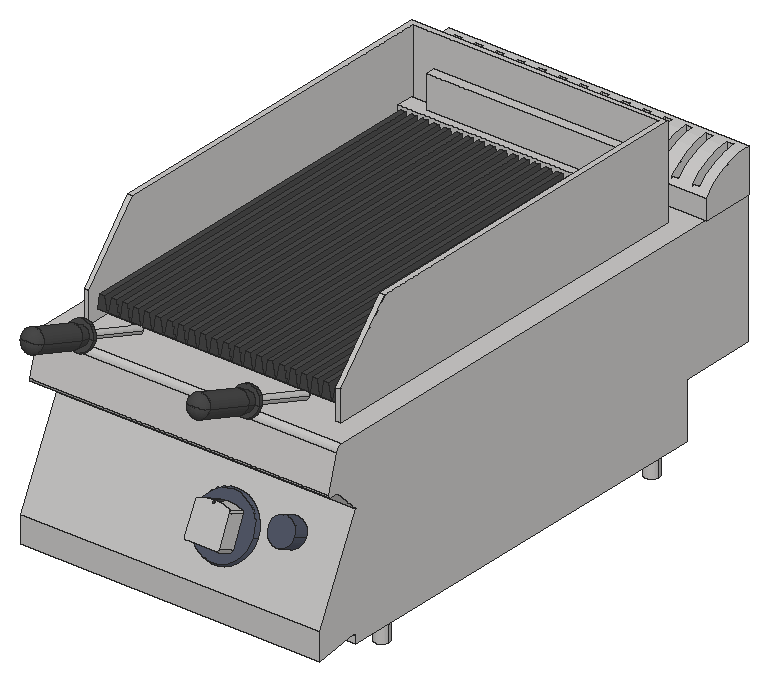
Revit family "QF_ZANUSSI_372044_Z7GRGDLC00", category Specialty Equipment, Revit 2018 (continued)
Connectors
  piping at (347.613, -98.425, 57.906), diameter 12.7, driven by "Gas Size"
    settings: on Extrusion 3, index 1, connector inside diameter 1/2", connector length 0 mm, flow factor 0, pipe flow 0 GPM, pressure drop 0.00 psi, fitting loss kfactor 0, connector angle 0.00°, fixture units 0, engagement length 0 mm, angle of deflection 0.00°, flow configuration 1, flow direction 1, fitting loss method 0, system type 7, joint type 0, gender type 0, connector reference index -1, connector utility 0, adjustable connector no, is connector primary yes, connector description "Gas Connection"
Definition of nested family "QF_372044_GRILL"
  Parameters
    Weight in Pounds = 0
    URL Cutsheet = ""
    URL = ""
    Type Mark [instance] = ""
    Specification by User [instance] = ""
    Specification by Manufacturer = ""
    Serial Number = ""
    Seismic Rating = ""
    SMACNA No = ""
    Revision Code [instance] = ""
    Omniclass Number and Title = ""
    NAFEM Spec ID Number = ""
    Model = ""
    Masterspec = ""
    Manufacturer = ""
    Item Number [instance] = ""
    Installed By [instance] = ""
    Identify Quantity as Lot [instance] = yes
    Furnished By [instance] = ""
    Foodservice Equipment Identifier [instance] = yes
    Description = ""
    CSI MasterFormat = ""
    CSI Master Format = ""
    Assembly Code = ""
  Reference planes
    plane 1 "BACK": y = 0
    plane 2: z = 0
    plane 3 "LEFT": x = 0
    plane 4 "RIGHT": x = 12.7
    plane 5 "FRONT": y = -501.68
    plane 6 "TOP": z = 19.576
    plane 7 "Center Y": x = 6.35
    plane 8 "Center X": y = -250.84
    plane 9: y = -147.637
  Forms (mm)
    Extrusion 1, solid
      sketch origin (-1.421, -501.68, -12.7) x (1, 0, 0) y (0, 0, 1)
        loop
          line (1.421, 12.7) -> (14.121, 12.7) -> (11.081, 32.276) -> (4.46, 32.276) -> (1.421, 12.7)
      from 0 to -501.68
  Dimensions and locks
    equal spacing: plane 3 "LEFT", plane 7 "Center Y", plane 4 "RIGHT"
    plane 3 "LEFT" to plane 4 "RIGHT" = 12.7 mm
    equal spacing: plane 5 "FRONT", plane 8 "Center X", plane 1 "BACK"
    plane 5 "FRONT" to plane 1 "BACK" = 501.68 mm
    plane 6 "TOP" to level = 19.576 mm
    plane 1 "BACK" to plane 5 "FRONT" = 501.68 mm
    aligned and locked: level to plane 2
  Automatic sketch dimensions
    Extrusion 1 sketch curve to level = 0 mm
    Extrusion 1 sketch curve to plane 3 "LEFT" = 0 mm
    Extrusion 1 sketch curve to plane 6 "TOP" = 0 mm
    Extrusion 1 sketch curve to plane 4 "RIGHT" = 0 mm
    plane 3 "LEFT" to Extrusion 1 sketch curve = 3.039 mm
    Extrusion 1 sketch curve to plane 4 "RIGHT" = 3.039 mm
